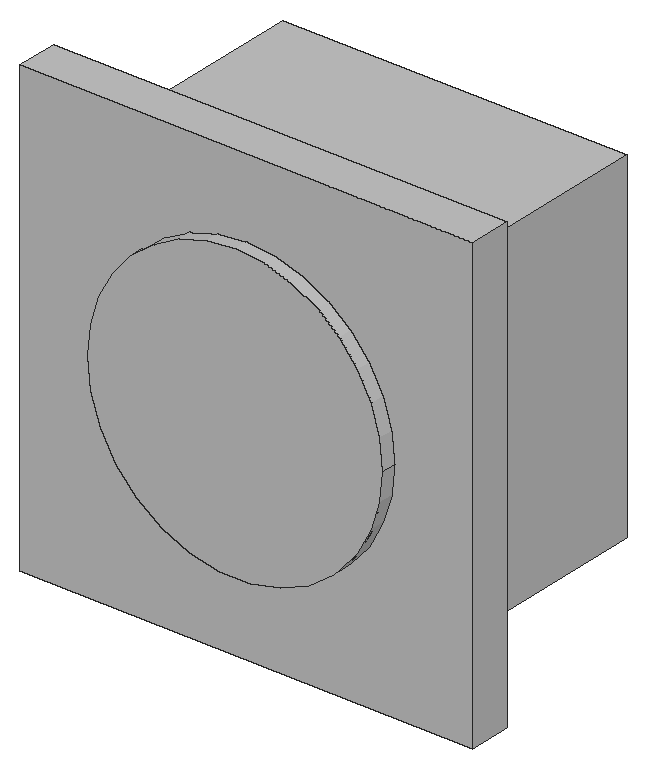
Revit family "efg_egg-20_60s(t)b2_50Hz", category 機械設備, Revit 2019
Family settings
  丸型コネクタ寸法 = 直径を使用
  パーツ タイプ = 標準
  OmniClass 番号 = 23.75.35.21.17
  OmniClass タイトル = Industrial Ventilating Equipment
  作業面ベース = いいえ
  常に垂直 = はい
  ロード時にボイドで切り取り = はい
  共有 = いいえ
  部屋計算ポイント = いいえ
Parameters (values of type "EFG-20SB2")
  騒音レベル(dB(A)) [instance] = 32
  風量 [instance] = 570.0 m³/h
  電源種別 [instance] = ""
  電圧 = 100 V
  電動機出力 = 15 W
  電動機_種別 [instance] = ""
  運転質量 = 0.00 kg
  連動 [instance] = ""
  質量 = if(製品質量 > 運転質量, 製品質量, 運転質量) * 1.2  # 6.00 kg
  負荷分類 = 3_ファン類
  説明 = "業務用有圧換気扇 店舗用 標準タイプ"
  設計風量 [instance] = 0.0 m³/h
  設置方法 = "壁付"
  記号 [instance] = ""
  製造元 = "三菱電機株式会社"
  製品質量 = 5.00 kg
  製品出荷対象 = "国内"
  製品リリース年月 = "2022年6月1日"
  製品グループ = ""
  羽根径 = "∅200"
  系統 [instance] = ""
  符号 [instance] = if(☑給気／□排気, "FS", "FE")  # "FE"
  積算_科目 = ""
  積算_拾い区分 [instance] = ""
  相 = 1
  盤記号 [instance] = ""
  盤工事区分 = ""
  発停方法 [instance] = ""
  特殊仕様 [instance] = ""
  火災停止 [instance] = ""
  消費電力 = 17 W
  法定耐用年数 = "15"
  極数 = 2
  極 = 4
  材質 [instance] = ""
  操作・制御方式 = ""
  操作・制御スイッチ = ""
  排気量 [instance] = if(☑給気／□排気, 0.0 m³/h, 設計風量)  # 0.0 m³/h
  形式 = ""
  幹線記号 [instance] = ""
  対象室 [instance] = ""
  実風量 [instance] = 0.0 m³/h
  始動方式 [instance] = "直入"
  外気量 [instance] = if(☑給気／□排気, 設計風量, 0.0 m³/h)  # 0.0 m³/h
  呼称 = "有圧扇"
  周波数 = 50 Hz
  参照している仕様書等のバージョン = ""
  分類コード = "50052503100110"
  分類グループ = ""
  価格 = 57800
  企業コード = "108420"
  付属品_防振装置 = ""
  付属品 [instance] = ""
  仕様書バージョン = "Version1.0"
  モデル = "EFG-20SB2"
  ファンの種類 = "軸流羽根"
  コメント [instance] = ""
  Keynote = ""
  ☑給気／□排気 [instance] = no
  Width = 322 mm
  W2 = 210 mm
  W1 = 244 mm
  Version = ""
  Uniclass2015Version = "Systems v1.9"
  Uniclass2015Title = "Propeller fans"
  Uniclass2015Code = "Pr_65_67_29_67"
  URL = "https://www.mitsubishielectric.co.jp/ldg/wink/ssl/displayProduct.do?pid=318504"
  SpecificationReference = ""
  SpecificationDescription = ""
  Revision = ""
  ProductInformation = ""
  OmniClassCode = "23-33 31 19 11 17"
  MIN風量 = 470.0 m³/h
  MID風量 = 0.0 m³/h
  MAX風量 = 570.0 m³/h
  IfcTypeProduct = ""
  IfcProduct = ""
  IfcExportType = "TUBEAXIAL"
  IfcExportAs = "IfcFanType"
  Height = 322 mm
  H1 = 244 mm
  Depth = 195 mm
  D2 = 10 mm
  D1 = 155 mm
  Author = "三菱電機株式会社"
Types (8, lengths in mm): name | 騒音レベル(dB(A)) | 風量 | 電圧 | 電動機出力 | 質量 | 製品質量 | 羽根径 | 相 | 消費電力 | 極数 | 極 | 価格 | モデル | Width | W2 | W1 | URL | MIN風量 | MAX風量 | Height | H1 | Depth | D2 | D1
  EFG-20SB2 | 32 | 570.0 m³/h | 100 V | 15 W | 6.00 kg | 5.00 kg | "∅200" | 1 | 17 W | 2 | 4 | 57800 | "EFG-20SB2" | 322 | 210 | 244 | "https://www.mitsubishielectric.co.jp/ldg/wink/ssl/displayProduct.do?pid=318504" | 470.0 m³/h | 570.0 m³/h | 322 | 244 | 195 | 10 | 155
  EFG-25SB2 | 36 | 1100.0 m³/h | 100 V | 25 W | 6.24 kg | 5.20 kg | "∅250" | 1 | 35 W | 2 | 4 | 60900 | "EFG-25SB2" | 372 | 260 | 294 | "https://www.mitsubishielectric.co.jp/ldg/wink/ssl/displayProduct.do?pid=318563" | 930.0 m³/h | 1100.0 m³/h | 372 | 294 | 205 | 20 | 155
  EFG-30SB2 | 42.5 | 1720.0 m³/h | 100 V | 50 W | 7.80 kg | 6.50 kg | "∅300" | 1 | 46 W | 2 | 4 | 72300 | "EFG-30SB2" | 422 | 300 | 344 | "https://www.mitsubishielectric.co.jp/ldg/wink/ssl/displayProduct.do?pid=318570" | 1400.0 m³/h | 1720.0 m³/h | 422 | 344 | 221 | 36 | 155
  EFG-35SB2 | 47 | 2640.0 m³/h | 100 V | 100 W | 10.92 kg | 9.10 kg | "∅350" | 1 | 83 W | 2 | 4 | 105000 | "EFG-35SB2" | 484 | 350 | 399 | "https://www.mitsubishielectric.co.jp/ldg/wink/ssl/displayProduct.do?pid=318575" | 2230.0 m³/h | 2640.0 m³/h | 484 | 399 | 211 | 26 | 155
  EFG-40SB2 | 51 | 3520.0 m³/h | 100 V | 150 W | 17.52 kg | 14.60 kg | "∅400" | 1 | 133 W | 2 | 4 | 136000 | "EFG-40SB2" | 518 | 400 | 423 | "https://www.mitsubishielectric.co.jp/ldg/wink/ssl/displayProduct.do?pid=318582" | 3000.0 m³/h | 3520.0 m³/h | 518 | 423 | 284 | 33 | 159
  EFG-40STB2 | 50 | 3490.0 m³/h | 200 V | 150 W | 17.16 kg | 14.30 kg | "∅400" | 3 | 122 W | 3 | 4 | 133000 | "EFG-40STB2" | 518 | 400 | 423 | "https://www.mitsubishielectric.co.jp/ldg/wink/ssl/displayProduct.do?pid=318583" | 0.0 m³/h | 3490.0 m³/h | 518 | 423 | 284 | 33 | 159
  EGG-50STB2 | 50 | 5720.0 m³/h | 200 V | 400 W | 25.44 kg | 21.20 kg | "∅500" | 3 | 240 W | 3 | 6 | 174000 | "EGG-50STB2" | 620 | 500 | 524 | "https://www.mitsubishielectric.co.jp/ldg/wink/ssl/displayProduct.do?pid=318602" | 0.0 m³/h | 5720.0 m³/h | 620 | 524 | 350 | 55 | 189
  EGG-60STB2 | 54 | 8010.0 m³/h | 200 V | 400 W | 31.08 kg | 25.90 kg | "∅600" | 3 | 345 W | 3 | 6 | 233000 | "EGG-60STB2" | 710 | 600 | 614 | "https://www.mitsubishielectric.co.jp/ldg/wink/ssl/displayProduct.do?pid=318605" | 0.0 m³/h | 8010.0 m³/h | 710 | 614 | 363 | 50 | 189
Reference planes
  plane 1 "中心(正面/背面)": y = 0
  plane 2: z = 0
  plane 3 "中心(左/右)": x = 0
  plane 4: z = 0
  plane 5: through (-212.884, -1524, -243.751) normal (0.6508, 0, 0.7593)
  plane 6: through (208.307, -1524, -247.63) normal (-0.6508, 0, 0.7593)
  plane 7 "正面": y = -40
  plane 8: through (-208.307, -1524, -247.63) normal (-0.6508, 0, -0.7593)
  plane 9: y = 210
  plane 10: y = 310
  plane 11: x = -161
  plane 12: x = 161
  plane 13: z = 161
  plane 14: x = -122
  plane 15: z = 122
  plane 16: z = -161
  plane 17: z = -122
  plane 18: x = 122
  plane 19: y = 155
  plane 20: y = -30
Forms (mm)
  Extrusion 1, solid, detail levels fine
    sketch origin (0, 0, 0) x (1, 0, 0) y (0, 0, 1)
      loop
        line (-161, 161) -> (-161, -161) -> (161, -161) -> (161, 161) -> (-161, 161)
    from 0 to 30
  Extrusion 2, solid, detail levels fine
    sketch origin (0, 0, 0) x (1, 0, 0) y (0, 0, 1)
      loop
        line (-122, 122) -> (-122, -122) -> (122, -122) -> (122, 122) -> (-122, 122)
    from -155 to 0
  Extrusion 3, solid, detail levels fine
    sketch origin (0, 0, 0) x (1, 0, 0) y (0, 0, 1)
      loop
        circle (0, 0) r 105
    from 30 to 40
Lines and regions (mm)
  Masking region 1, detail levels coarse+medium
    outline origin (0, 0, 0) x (1, 0, 0) y (0, 1, 0)
      loop
        line (-250, -40) -> (250, -40) -> (250, 210) -> (-250, 210) -> (-250, -40)
  Masking region 2, detail levels coarse+medium
    outline origin (0, 0, 0) x (1, 0, 0) y (0, 1, 0)
      loop
        line (-124, 210) -> (124, 210) -> (124, 310) -> (-124, 310) -> (-124, 210)
  symbolic lines, detail levels coarse+medium
    curve 1: circle (124, -46, 0) r 115 normal (0, 0, 1)
    curve 2: circle (-124, -46, 0) r 115 normal (0, 0, -1)
Dimensions and locks
  level to plane 4 = 0 mm
  plane 7 "正面" to plane 9 to plane 10 = 250 mm locked, 100 mm locked
  equal spacing: plane 18, plane 3 "中心(左/右)", plane 14
  "W1": plane 18 to plane 14
  equal spacing: plane 12, plane 3 "中心(左/右)", plane 11
  "Width": plane 12 to plane 11
  equal spacing: plane 15, level, plane 17
  "H1": plane 15 to plane 17
  equal spacing: plane 13, level, plane 16
  "Height": plane 13 to plane 16
  "D1": plane 1 "中心(正面/背面)" to plane 19
  "Depth": plane 7 "正面" to plane 19
  "D2": plane 7 "正面" to plane 20
  "W2": diameter of Extrusion 3 sketch curve
  aligned and locked: level to plane 2
  aligned and locked: plane 7 "正面" to Masking region 1 sketch curve
  aligned and locked: plane 9 to Masking region 1 sketch curve
  aligned and locked: Masking region 2 sketch curve to plane 9
  aligned and locked: plane 10 to Masking region 2 sketch curve
  aligned and locked: Extrusion 1 sketch curve to plane 13
  aligned and locked: plane 11 to Extrusion 1 sketch curve
  aligned and locked: Extrusion 1 sketch curve to plane 16
  aligned and locked: plane 12 to Extrusion 1 sketch curve
  aligned and locked: Extrusion 2 sketch curve to plane 15
  aligned and locked: plane 14 to Extrusion 2 sketch curve
  aligned and locked: Extrusion 2 sketch curve to plane 17
  aligned and locked: plane 18 to Extrusion 2 sketch curve
  aligned and locked: plane 19 to Extrusion 2
  aligned and locked: plane 1 "中心(正面/背面)" to Extrusion 2
  aligned and locked: Extrusion 1 to plane 1 "中心(正面/背面)"
  aligned and locked: Extrusion 1 to plane 20
  aligned and locked: plane 7 "正面" to Extrusion 3
  aligned and locked: plane 20 to Extrusion 3
Automatic sketch dimensions
  curve 2 to plane 3 "中心(左/右)" = 124 mm
  plane 3 "中心(左/右)" to curve 1 = 124 mm
  Masking region 1 sketch curve to plane 3 "中心(左/右)" = 250 mm
  plane 3 "中心(左/右)" to Masking region 1 sketch curve = 250 mm
  Masking region 2 sketch curve to plane 3 "中心(左/右)" = 124 mm
  plane 3 "中心(左/右)" to Masking region 2 sketch curve = 124 mm
  plane 7 "正面" to curve 2 = 6 mm
  plane 7 "正面" to curve 1 = 6 mm
  Extrusion 3 sketch curve to level = 0 mm
  Extrusion 3 sketch curve to plane 3 "中心(左/右)" = 0 mm
  radius of curve 1 = 115 mm
  radius of curve 2 = 115 mm
Connectors
  electrical at (-161, -15, 0), driven by "極数", driven by "負荷分類", driven by "電圧", driven by "消費電力"
    settings: on Extrusion 1, index 1, voltage 100 V, apparent load 17 VA, apparent load phase1 0 VA, apparent load phase2 0 VA, apparent load phase3 0 VA, power factor 1, load classification "3_ファン類", number of poles 2, system type 30, power factor state 1, is connector primary yes, connector utility no, sub classification motor no, connector description ""
